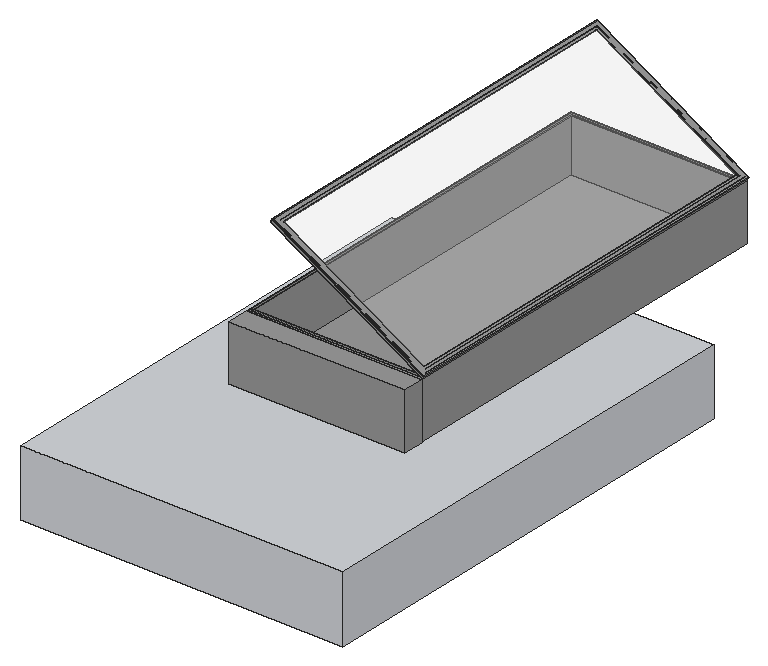
Revit family "Hager-Univers-IP55-D275-H1950-Cl.I-Steel_encl-CH-fr", category Equipement électrique, Revit 2020
Family settings
  Hôte = Face
  Configuration du panneau = Deux colonnes, circuits au sein
  Cote de connecteur circulaire = Utiliser le diamètre
  Type d'élément = Tableau de raccordement
  Couper avec des vides une fois chargée = Non
  Partagée = Non
  Point de calcul de pièce = Non
Parameters (values of type "installation au sol IP55 L800 H1950 P275  - FR23K1")
  Width Control [instance] = if([EF000008 - largeur] > Min Width, [EF000008 - largeur], Min Width)  # 800 mm
  Commentaires du type = [HG000003 - Gamme]  # "Univers"
  Thickness Door [instance] = if([EF009171 - épaisseur de matériau de la porte/du couvercle] > 3 mm, 3 mm, [EF009171 - épaisseur de matériau de la porte/du couvercle])  # 1.5 mm
  Seal Frame Offset [instance] = 17 mm  # constant formula
  Plinth Visibility [instance] = [HG000027 - Hauteur du socle] > 0 mm  # yes
  Model = ""
  Min Width [instance] = 100 mm  # constant formula
  Min Height [instance] = 100 mm  # constant formula
  Min Depth [instance] = (2 * [EF009170 - épaisseur de matériau du boîtier]) + 1 mm  # 4 mm
  Internal Frame Depth [instance] = (Door System Depth * 0.5)  # 9 mm
  Height Control [instance] = if([EF000040 - hauteur] > Min Height, [EF000040 - hauteur], Min Height)  # 1950 mm
  HG000027 - Hauteur du socle = 100 mm
  HG000026 - Installation au sol = yes
  HG000024 - Hauteur de la section basse = 800 mm
  HG000023 - Armoire double section = no
  HG000016 - Visibilité de la porte 3D [instance] = yes
  HG000015 - Visibilité de l'emprise de la porte [instance] = no
  HG000014 - Porte à droite [instance] = yes
  HG000013 - Porte à gauche [instance] = not([HG000014 - Porte à droite])  # no
  HG000012 - Angle de pivotement de la porte [instance] = 30.00°
  HG000010 - Portes asymétriques = no
  HG000009 - Porte à double battant = no
  HG000006 - Encastré = no
  HG000004 - Référence fabricant = "FR23K1"
  HG000003 - Gamme = "Univers"
  HG000002 - avec porte = yes
  Frame Offset Bottom [instance] = 10 mm  # constant formula
  Frame Offset [instance] = 15 mm  # constant formula
  EF015940 - couvercle avec décharge de pression = no
  EF011959 - degré de protection (NEMA) = ""
  EF009554 - nombre d'ouvertures pour plaques à bride = 6
  Fabricant = "Hager"  # constant formula
  EF009212 - finition du couvercle = "EV000116 - fermé"
  EF009171 - épaisseur de matériau de la porte/du couvercle = 1.5 mm
  EF009170 - épaisseur de matériau du boîtier = 1.5 mm
  EF008873 - courant nominal (In) = 800 A
  EF007800 - adapté à un parafoudre = no
  EF006306 - avec serrure = no
  EF006244 - couvercle/porte transparent(e) = yes
  EF005474 - indice de protection (IP) = "EV006420 - IP55"
  EF004464 - type de porte = "EV002646 - unique"
  EF004427 - nombre de modules = 432
  EF004293 - indice de protection contre les chocs (IK) = "EV008784 - IK10"
  EF003532 - convient pour utilisation à l’extérieur = no
  EF002950 - largeur en nombre de modules = 24
  EF001613 - maintien de fonction = "EV000494 - sans"
  EF001596 - matériau du boîtier/corps = "EV000179 - acier"
  EF001131 - profondeur intérieure = 275 mm
  EF001088 - possibilité de montage en saillie = yes
  EF000437 - nombre d'entrées de conduit = 6
  EF000339 - type de capot = "EV004216 - porte"
  EF000266 - nombre de rangées = 12
  EF000218 - profondeur d'encastrement = 0 mm
  EF000118 - avec cadre/support de montage = no
  EF000116 - numéro RAL = "7035"
  EF000049 - profondeur = 275 mm
  EF000040 - hauteur = 1950 mm
  EF000008 - largeur = 800 mm
  EF000007 - couleur = "EV000270 - gris"
  EF000003 - mode de pose = "EV012274 - installation au sol"
  Door System Leaf Tolerance [instance] = 1.5 mm  # constant formula
  Door System Depth [instance] = 18 mm  # constant formula
  Door Height [instance] = Height Control - [HG000027 - Hauteur du socle]  # 1850 mm
  Depth Control [instance] = if([EF000049 - profondeur] > Min Depth, [EF000049 - profondeur], Min Depth)  # 275 mm
  Default Elevation = 0 mm
  Connector Offset [instance] = Height Control / 2  # 975 mm
  Bottom Top Plate Trim [instance] = 1.5 mm  # constant formula
  Plinth height Ctrl [instance] = if([HG000027 - Hauteur du socle] > 0 mm, [HG000027 - Hauteur du socle], 12 mm)  # 100 mm
Types (11, lengths in mm): name | Width Control | HG000010 - Portes asymétriques | HG000009 - Porte à double battant | HG000004 - Référence fabricant | EF009554 - nombre d'ouvertures pour plaques à bride | EF006244 - couvercle/porte transparent(e) | EF004464 - type de porte | EF004427 - nombre de modules | EF000437 - nombre d'entrées de conduit | EF000008 - largeur
  installation au sol IP55 L1050 H1950 P275  - FR24E1 | 1050 | yes | yes | "FR24E1" | 8 | no | "EV003602 - double" | 576 | 8 | 1050
  installation au sol IP55 L1050 H1950 P275  - FR24K1 | 1050 | yes | yes | "FR24K1" | 8 | yes | "EV003602 - double" | 576 | 8 | 1050
  installation au sol IP55 L1300 H1950 P275  - FR25E1 | 1300 | yes | yes | "FR25E1" | 10 | no | "EV003602 - double" | 720 | 10 | 1300
  installation au sol IP55 L1300 H1950 P275  - FR25K1 | 1300 | yes | yes | "FR25K1" | 10 | yes | "EV003602 - double" | 720 | 10 | 1300
  installation au sol IP55 L1550 H1950 P275  - FR26E1 | 1550 | yes | yes | "FR26E1" | 12 | no | "EV003602 - double" | 864 | 12 | 1550
  installation au sol IP55 L1550 H1950 P275  - FR26K1 | 1550 | yes | yes | "FR26K1" | 12 | yes | "EV003602 - double" | 864 | 12 | 1550
  installation au sol IP55 L300 H1950 P275  - FR21E1 | 300 | no | no | "FR21E1" | 2 | no | "EV002646 - unique" | 144 | 2 | 300
  installation au sol IP55 L550 H1950 P275  - FR22E1 | 550 | no | no | "FR22E1" | 4 | no | "EV002646 - unique" | 288 | 4 | 550
  installation au sol IP55 L550 H1950 P275  - FR22K1 | 550 | no | no | "FR22K1" | 4 | yes | "EV002646 - unique" | 288 | 4 | 550
  installation au sol IP55 L800 H1950 P275  - FR23E1 | 800 | no | no | "FR23E1" | 6 | no | "EV002646 - unique" | 432 | 6 | 800
  installation au sol IP55 L800 H1950 P275  - FR23K1 | 800 | no | no | "FR23K1" | 6 | yes | "EV002646 - unique" | 432 | 6 | 800
Reference planes
  plane 1 "Center (Front/Back)": y = 0
  plane 2: z = 0
  plane 3 "Center (Left/Right)": x = 0
  plane 4: z = 275
  plane 5: y = 101.5
  plane 6: y = 1025
  plane 7: y = 100
  plane 8: y = 1950
  plane 9: z = 0
  plane 10: x = -385
  plane 11: x = 385
  plane 12: x = 383.5
  plane 13: x = -383.5
  plane 14: y = 1948.5
  plane 15: x = -383
  plane 16: x = -400
  plane 17: x = 383
  plane 18: x = 400
  plane 19: x = 398.5
  plane 20: x = -398.5
  plane 21: y = 111.5
  plane 22: y = 1950
  plane 23: y = 1933.5
  plane 24: z = 257
  plane 25: z = 1.5
  plane 26: z = 255.5
  plane 27: z = 273.5
Forms (mm)
  Extrusion 1, solid
    sketch origin (0, 0, 0) x (1, 0, 0) y (0, 1, 0)
      loop
        line (-702.964, 1305) -> (-702.964, -811.445) -> (766.763, -811.445) -> (766.763, 1305) -> (-702.964, 1305)
    from 0 to -304.8
  Extrusion 2, solid, material "Hager_Steel_RAL7035_Light_Grey", visible <- "Plinth Visibility", detail levels medium+fine
    sketch origin (0, 0, 0) x (1, 0, 0) y (0, 1, 0)
      loop
        line (-400, 0) -> (400, 0) -> (400, 100) -> (-400, 100) -> (-400, 0)
    from 0 to 257
  Extrusion 3, solid, material "Hager_Steel_RAL7035_Light_Grey", detail levels medium+fine
    sketch origin (0, 0, 0) x (1, 0, 0) y (0, 1, 0)
      loop
        line (-400, 100) -> (400, 100) -> (400, 1950) -> (-400, 1950) -> (-400, 100)
    from 0 to 257
  Extrusion 4, void
    sketch origin (0, 0, 0) x (1, 0, 0) y (0, 1, 0)
      loop
        line (-398.5, 101.5) -> (398.5, 101.5) -> (398.5, 1948.5) -> (-398.5, 1948.5) -> (-398.5, 101.5)
    from 1.5 to 255.5
  Extrusion 5, void
    sketch origin (-381.607, -4572, 257) x (0, -1, 0) y (-1, 0, 0)
      loop
        line (-4683.5, 1.893) -> (-6505.5, 1.893) -> (-6505.5, -765.107) -> (-4683.5, -765.107) -> (-4683.5, 1.893)
    from 0 to 1.5 <- "EF009170 - épaisseur de matériau du boîtier"
  Extrusion 6, solid, material "Hager_Steel_RAL7035_Light_Grey", detail levels fine
    sketch origin (0, 0, 257) x (1, 0, 0) y (0, 1, 0)
      loop
        line (-383.5, 1933.5) -> (-383.5, 111.5) -> (383.5, 111.5) -> (383.5, 1933.5) -> (-383.5, 1933.5)
      loop
        line (-385, 110) -> (385, 110) -> (385, 1935) -> (-385, 1935) -> (-385, 110)
    from 0 to 9 <- "Internal Frame Depth"
  Extrusion 7, solid, material "Hager_Steel_RAL7035_Light_Grey", detail levels coarse
    sketch origin (0, 0, 0) x (1, 0, 0) y (0, 1, 0)
      loop
        line (-400, 0) -> (400, 0) -> (400, 1950) -> (-400, 1950) -> (-400, 0)
    from 0 to 275
  Sweep 8, void
    path in 3D
      loop
        line (-400, 100, 0) -> (400, 100, 0) -> (400, 100, 257) -> (-400, 100, 257) -> (-400, 100, 0)
    profile origin (-400, 100, 128.5) x (-1, 0, 0) y (0, -1, 0)
      loop
        line (0, 0) -> (0, 1.5) -> (-1.5, 1.5)
        arc (-1.5, 1.5) -> (-1.061, 0.439) -> (0, 0) r 1.5
Cuts and joins
  Extrusion 4, Extrusion 5 cuts Extrusion 3
  Sweep 8 cuts Extrusion 2
Lines and regions (mm)
  Masking region 1
    outline origin (0, 0, 0) x (1, 0, 0) y (0, 0, 1)
      loop
        line (-400, 275) -> (-400, 0) -> (400, 0) -> (400, 275) -> (-400, 275)
  Masking region 2, detail levels medium+fine
    outline origin (0, 140, 0) x (0, 1, 0) y (0, 0, 1)
      loop
        line (-40, 0) -> (1810, 0) -> (1810, 257) -> (-40, 257) -> (-40, 0)
  Masking region 3, not visible, detail levels medium+fine
    outline origin (0, 297.922, 0) x (0, 1, 0) y (0, 0, 1)
      loop
        line (738.578, 0) -> (778.578, 0) -> (778.578, 263.5)
        arc (778.578, 263.5) -> (775.649, 270.571) -> (768.578, 273.5) r 10
        line (768.578, 273.5) -> (738.578, 273.5) -> (738.578, 0)
  Masking region 4, detail levels coarse
    outline origin (0, 0, 180) x (0, 1, 0) y (0, 0, 1)
      loop
        line (0, -180) -> (1950, -180) -> (1950, 95) -> (0, 95) -> (0, -180)
  Masking region 5, visible <- "Plinth Visibility", detail levels medium+fine
    outline origin (0, 52.24, 12.345) x (0, 0, -1) y (0, 1, 0)
      loop
        line (10.845, 47.76) -> (-243.155, 47.76)
        arc (-243.155, 47.76) -> (-243.594, 46.699) -> (-244.655, 46.26) r 1.5
        line (-244.655, 46.26) -> (-244.655, -52.24) -> (12.345, -52.24) -> (12.345, 46.26)
        arc (12.345, 46.26) -> (11.285, 46.699) -> (10.845, 47.76) r 1.5
  Masking region 6, detail levels medium+fine
    outline origin (-381.607, -4572, 257) x (-1, 0, 0) y (0, -1, 0)
      loop
        line (18.393, -6522) -> (18.393, -4672) -> (-781.607, -4672) -> (-781.607, -6522) -> (18.393, -6522)
  Masking region 7, visible <- "Plinth Visibility", detail levels medium+fine
    outline origin (-381.607, -4727, 257) x (-1, 0, 0) y (0, -1, 0)
      loop
        arc (16.893, -4827) -> (17.332, -4825.939) -> (18.393, -4825.5) r 1.5
        line (18.393, -4825.5) -> (18.393, -4727) -> (-781.607, -4727) -> (-781.607, -4825.5)
        arc (-781.607, -4825.5) -> (-780.546, -4825.939) -> (-780.107, -4827) r 1.5
        line (-780.107, -4827) -> (16.893, -4827)
  Masking region 8, detail levels coarse
    outline origin (-442.548, -4669.526, 257) x (-1, 0, 0) y (0, -1, 0)
      loop
        line (-42.548, -6619.526) -> (-42.548, -4669.526) -> (-842.548, -4669.526) -> (-842.548, -6619.526) -> (-42.548, -6619.526)
  sketch lines
    curve 1: line (-400, 100, 257) -> (-400, 100, 0)
    curve 2: line (400, 100, 257) -> (-400, 100, 257)
    curve 3: line (400, 100, 257) -> (400, 100, 0)
    curve 4: line (-400, 100, 0) -> (400, 100, 0)
Dimensions and locks
  "Depth Control": plane 4 to Extrusion 1
  "HG000027 - Hauteur du socle": plane 1 "Center (Front/Back)" to plane 7
  "EF009170 - épaisseur de matériau du boîtier": plane 5 to plane 7
  locked: connector elem to plane 3 "Center (Left/Right)"
  equal spacing: plane 8, plane 6, plane 7
  locked: connector elem to plane 6
  "EF009170 - épaisseur de matériau du boîtier": plane 8 to plane 14
  "EF009170 - épaisseur de matériau du boîtier": plane 10 to plane 13
  "EF009170 - épaisseur de matériau du boîtier": plane 12 to plane 11
  "Frame Offset": plane 20 to plane 13
  "Frame Offset": plane 12 to plane 19
  "EF009170 - épaisseur de matériau du boîtier": plane 16 to plane 20
  "EF009170 - épaisseur de matériau du boîtier": plane 19 to plane 18
  "Seal Frame Offset": plane 16 to plane 15
  "Seal Frame Offset": plane 17 to plane 18
  "Frame Offset Bottom": plane 21 to plane 5
  "Frame Offset": plane 14 to plane 23
  equal spacing: plane 16, plane 3 "Center (Left/Right)", plane 18
  "Width Control": plane 16 to plane 18
  "EF009170 - épaisseur de matériau du boîtier": plane 4 to plane 27
  "EF009170 - épaisseur de matériau du boîtier": plane 24 to plane 26
  "EF009170 - épaisseur de matériau du boîtier": plane 25 to level
  "Door System Depth": plane 4 to plane 24
  "Height Control": plane 1 "Center (Front/Back)" to Extrusion 7 sketch curve
  "Height Control": Masking region 4 sketch curve to plane 1 "Center (Front/Back)"
  "Height Control": plane 1 "Center (Front/Back)" to plane 22
  "Bottom Top Plate Trim": profile plane to Sweep 8 sketch curve
  "Bottom Top Plate Trim": Sweep 8 sketch curve to profile plane
  "Plinth height Ctrl": plane 1 "Center (Front/Back)" to Extrusion 2 sketch curve
  "Plinth height Ctrl": Masking region 5 sketch curve to plane 1 "Center (Front/Back)"
  "Plinth height Ctrl": plane 1 "Center (Front/Back)" to Masking region 7 sketch curve
  "Thickness Door": Extrusion 6 sketch curve to Extrusion 6 sketch curve  (x3)
  "Thickness Door": cut or joined group of Extrusion 3, Extrusion 4, Extrusion 5 to Extrusion 6 sketch curve
  radius of Masking region 3 sketch curve = 10 mm
  "Bottom Top Plate Trim": radius of Masking region 5 sketch curve  (x2)
  "Bottom Top Plate Trim": radius of Sweep 8 sketch curve
  "Bottom Top Plate Trim": radius of Masking region 7 sketch curve  (x2)
  aligned and locked: plane 2 to Extrusion 1
  aligned and locked: level to Extrusion 1
  aligned and locked: level to Masking region 1 sketch curve
  aligned and locked: Masking region 1 sketch curve to plane 18
  aligned and locked: Masking region 1 sketch curve to plane 16
  aligned and locked: plane 7 to Masking region 2 sketch curve
  aligned and locked: level to Masking region 3 sketch curve
  aligned and locked: Masking region 3 sketch curve to plane 27
  aligned and locked: level to Masking region 2 sketch curve
  aligned and locked: plane 1 "Center (Front/Back)" to Extrusion 2 sketch curve
  aligned and locked: Extrusion 3 sketch curve to plane 7
  aligned and locked: plane 16 to Extrusion 3 sketch curve
  aligned and locked: plane 18 to Extrusion 3 sketch curve
  aligned and locked: plane 20 to Extrusion 4 sketch curve
  aligned and locked: plane 19 to Extrusion 4 sketch curve
  aligned and locked: Extrusion 4 sketch curve to plane 5
  aligned and locked: Extrusion 4 to plane 25
  aligned and locked: plane 26 to Extrusion 4
  aligned and locked: plane 24 to Extrusion 3
  aligned and locked: Extrusion 5 sketch curve to plane 21
  aligned and locked: Extrusion 5 sketch curve to plane 13
  aligned and locked: Extrusion 5 sketch curve to plane 12
  aligned and locked: plane 18 to Extrusion 7 sketch curve
  aligned and locked: plane 1 "Center (Front/Back)" to Extrusion 7 sketch curve
  aligned and locked: plane 16 to Extrusion 7 sketch curve
  aligned and locked: plane 4 to Extrusion 7
  aligned and locked: Extrusion 7 to level
  aligned and locked: level to Masking region 4 sketch curve
  aligned and locked: Masking region 4 sketch curve to plane 1 "Center (Front/Back)"
  aligned and locked: Masking region 4 sketch curve to plane 4
  aligned and locked: nested 1 to level
  aligned and locked: nested 1 to plane 16
  aligned and locked: plane 8 to Extrusion 3 sketch curve
  aligned and locked: plane 23 to Extrusion 5 sketch curve
  aligned and locked: plane 14 to Extrusion 4 sketch curve
  aligned and locked: Masking region 2 sketch curve to plane 8
  aligned and locked: level to Masking region 5 sketch curve
  aligned and locked: plane 16 to Extrusion 2 sketch curve
  aligned and locked: plane 18 to Extrusion 2 sketch curve
  aligned and locked: Masking region 5 sketch curve to plane 24
  aligned and locked: Masking region 2 sketch curve to plane 24
  aligned and locked: plane 24 to Extrusion 2
  aligned and locked: profile plane to Sweep 8 sketch curve  (x2)
  aligned and locked: Masking region 6 sketch curve to plane 18
  aligned and locked: Masking region 6 sketch curve to plane 22
  aligned and locked: Masking region 6 sketch curve to plane 16
  aligned and locked: plane 8 to plane 22
  aligned and locked: Masking region 6 sketch curve to plane 7
  aligned and locked: Masking region 7 sketch curve to plane 16
  aligned and locked: Masking region 7 sketch curve to plane 1 "Center (Front/Back)"
  aligned and locked: Masking region 7 sketch curve to plane 18
  aligned and locked: Masking region 8 sketch curve to plane 1 "Center (Front/Back)"
  aligned and locked: Masking region 8 sketch curve to plane 18
  aligned and locked: Masking region 8 sketch curve to plane 22
  aligned and locked: Masking region 8 sketch curve to plane 16
  aligned and locked: nested 2 to plane 7
  aligned and locked: plane 3 "Center (Left/Right)" to nested 2
  aligned and locked: nested 2 to plane 24
  aligned and locked: Extrusion 6 sketch curve to cut or joined group of Extrusion 3, Extrusion 4, Extrusion 5  (x4)
Automatic sketch dimensions
  Extrusion 1 sketch curve to Extrusion 1 sketch curve = 1469.727 mm
  Extrusion 1 sketch curve to Extrusion 1 sketch curve = 2116.445 mm
  Masking region 1 sketch curve to plane 4 = 0 mm
  plane 6 to Masking region 3 sketch curve = 11.5 mm
  Masking region 3 sketch curve to Masking region 3 sketch curve = 30 mm
  Masking region 5 sketch curve to plane 1 "Center (Front/Back)" = 0 mm
Nested families
  nested 1: "Hager_Enclosure_Symbol" at (-400, 0, 0) x (1, 0, 0) z (0, -1, 0), Height <- "Depth Control", Width <- "Width Control", type "Hager_Enclosure_Symbol"
    with Width_Ctrl 800 mm, Width 800 mm, Height_Ctrl 275 mm, Height 275 mm, A_Width_Int 18.047 mm, A_Width 216.562 mm, A_Height_Ctrl 240.625 mm, A_Height 240.625 mm
  nested 2: "EC000058_Univers_Door" at (0, 100, 257) x (1, 0, 0) z (0, 1, 0), Leaf_Tolerance <- "Door System Leaf Tolerance", Angle <- "HG000012 - Angle de pivotement de la porte", Door_Depth <- "Door System Depth", Door_Left <- "HG000013 - Porte à gauche", Transparent <- "EF006244 - couvercle/porte transparent(e)", Assymetrical <- "HG000010 - Portes asymétriques", Width <- "Width Control", Clearance <- "HG000015 - Visibilité de l'emprise de la porte", Double <- "HG000009 - Porte à double battant", 3d_Door <- "HG000016 - Visibilité de la porte 3D", Lock_Visibility <- "EF006306 - avec serrure", Width_Ctrl <- "Width Control", Door_Right <- "HG000014 - Porte à droite", Door <- "HG000002 - avec porte", Height <- "Door Height", Thickness <- "Thickness Door", type "EC000058_Univers_Door", detail levels medium+fine
    with min_wh 4 mm, Width_Ctrl 800 mm, Width 800 mm, Transparent yes, Thickness 1.5 mm, Seal_Material Hager_Rubber, Lock_Visibility no, Lock_Material Hager_Plastic_RAL9005_Jet_Black, Leaf_Width 800 mm, Leaf_Tolerance_External_Sides 0 mm, Leaf_Tolerance 1.5 mm, Leaf_Offset 0 mm, Leaf_Height 1847 mm, Leaf_2_Width 800 mm, Leaf_2_Offset 400 mm, Leaf_1_Width 800 mm, Leaf_1_Offset 400 mm, Height_Ctrl 1850 mm, Height 1850 mm, Glass_Material Hager_Glass, Double_Clearance_Ctrl no, Double no, Door_Right_Ctrl yes, Door_Right yes, Door_Material Hager_Steel_RAL7035_Light_Grey, Door_Left_Ctrl no, Door_Left no, Door_Depth 18 mm, Door yes, Clearance_Material Hager_Clearance, Clearance_Depth 800 mm, Clearance_Ctrl no, Clearance no, Assymetrical no, Angle 30.00°, 3d_Door yes
Connectors
  electrical at (0, 1025, 0)
    settings: on plane 9, index 1, voltage 0 V, apparent load 0 VA, apparent load phase1 0 VA, apparent load phase2 0 VA, apparent load phase3 0 VA, power factor 1, load classification "Other", number of poles 1, system type 30, power factor state 1, is connector primary yes, connector utility no, sub classification motor no, connector description ""
Definition of nested family "EC000058_Univers_Door"
  Parameters (values of type "EC000058_Univers_Door")
    min_wh [instance] = (2 * Thickness) + 1 mm  # 11 mm
    Width_Ctrl [instance] = 400 mm
    Width [instance] = 500 mm
    Transparent [instance] = yes
    Thickness [instance] = 5 mm
    Seal_Material [instance] = none
    Lock_Visibility [instance] = yes
    Lock_Material [instance] = none
    Leaf_Width [instance] = if((Width_Ctrl - 2 * Leaf_Tolerance_External_Sides) > 0 mm, (Width_Ctrl - 2 * Leaf_Tolerance_External_Sides), min_wh)  # 400 mm
    Leaf_Tolerance_External_Sides [instance] = 0 mm  # constant formula
    Leaf_Tolerance [instance] = 1.5 mm
    Leaf_Offset [instance] = 0 mm  # constant formula
    Leaf_Height [instance] = if((Height_Ctrl - 2 * Leaf_Tolerance) > 0 mm, (Height_Ctrl - 2 * Leaf_Tolerance), min_wh)  # 497 mm
    Leaf_2_Width [instance] = if(and(and(Double, Assymetrical), Door_Left), (Leaf_Width / 3) - (Leaf_Tolerance / 2), if(and(and(Double, Assymetrical), Door_Right), (Leaf_Width / 3) * 2 - (Leaf_Tolerance / 2), if(and(Double, not(Assymetrical)), (Leaf_Width / 2) - Leaf_Tolerance, Leaf_Width)))  # 400 mm
    Leaf_2_Offset [instance] = if(and(Double, Assymetrical), Leaf_2_Width / 2, if(and(Double, not(Assymetrical)), Leaf_Width / 4, Leaf_Width / 2))  # 200 mm
    Leaf_1_Width [instance] = if(and(and(Double, Assymetrical), Door_Right), (Leaf_Width / 3) - (Leaf_Tolerance / 2), if(and(and(Double, Assymetrical), Door_Left), (Width / 3) * 2 - (Leaf_Tolerance / 2), if(and(Double, not(Assymetrical)), (Leaf_Width / 2) - Leaf_Tolerance, Leaf_Width)))  # 400 mm
    Leaf_1_Offset [instance] = if(and(Double, Assymetrical), Leaf_1_Width / 2, if(and(Double, not(Assymetrical)), Leaf_Width / 4, Leaf_Width / 2))  # 200 mm
    Height_Ctrl [instance] = if(Height > min_wh, Height, min_wh)  # 500 mm
    Height [instance] = 500 mm
    Glass_Material [instance] = none
    Double_Clearance_Ctrl [instance] = and(Double, Clearance)  # no
    Double [instance] = no
    Door_Right_Ctrl [instance] = and(or(Door_Right, Double), Door)  # yes
    Door_Right [instance] = yes
    Door_Material [instance] = none
    Door_Left_Ctrl [instance] = and(or(Door_Left, Double), Door)  # no
    Door_Left [instance] = no
    Door_Depth [instance] = 30 mm
    Door [instance] = yes
    Default Elevation = 1219.2 mm
    Clearance_Material [instance] = none
    Clearance_Depth [instance] = if(Leaf_1_Width > Leaf_2_Width, Leaf_1_Width, Leaf_2_Width)  # 400 mm
    Clearance_Ctrl [instance] = and(not(Double), Clearance)  # yes
    Clearance [instance] = yes
    Assymetrical [instance] = yes
    Angle [instance] = 30.00°
    3d_Door [instance] = yes
  Reference planes
    plane 1 "Center (Front/Back)": y = 0
    plane 2 "Bottom": z = 0
    plane 3 "Center (Left/Right)": x = 0
    plane 4: z = 500
    plane 5: x = -200
    plane 6: x = 200
    plane 7: z = 500
    plane 8: x = -200
    plane 9: z = 0
    plane 10: x = 200
    plane 11: y = 0
    plane 12: z = 1.5
    plane 13: x = -600
    plane 14: y = -400
    plane 15: x = 600
    plane 16: x = 0
    plane 17: x = 0
    plane 18: x = -200
    plane 19: x = 200
    plane 20: z = 498.5
  Forms (mm)
    Extrusion 1, solid, material <- "Clearance_Material", visible <- "Double_Clearance_Ctrl"
      sketch origin (1200, 0, 0) x (1, 0, 0) y (0, 0, -1)
        loop
          line (-1800, -498.5) -> (-600, -498.5) -> (-600, 0) -> (-1800, 0) -> (-1800, -498.5)
      from 0 to -400
  Dimensions and locks
    equal spacing: plane 5, plane 3 "Center (Left/Right)", plane 6
    "Width_Ctrl": plane 5 to plane 6
    "Leaf_Offset": plane 5 to plane 8
    "Leaf_Offset": plane 6 to plane 10
    "Leaf_Offset": plane 9 to level
    "Leaf_Offset": plane 4 to plane 7
    "Height_Ctrl": plane 4 to level
    "Leaf_Tolerance": plane 12 to plane 9
    locked: plane 11 to plane 1 "Center (Front/Back)"
    "Leaf_1_Offset": plane 18 to plane 16
    "Leaf_2_Offset": plane 17 to plane 19
    "Leaf_1_Width": plane 13 to plane 8
    "Leaf_2_Width": plane 10 to plane 15
    "Clearance_Depth": plane 14 to plane 1 "Center (Front/Back)"
    "Leaf_Tolerance_External_Sides": plane 8 to plane 18
    "Leaf_Tolerance_External_Sides": plane 19 to plane 10
    "Leaf_Tolerance": plane 7 to plane 20
    aligned and locked: level to plane 2 "Bottom"
    aligned and locked: nested 1 to plane 16
    aligned and locked: nested 2 to plane 17
    aligned and locked: Extrusion 1 to plane 13
    aligned and locked: plane 15 to Extrusion 1
    aligned and locked: Extrusion 1 to plane 14
    aligned and locked: plane 12 to nested 1
    aligned and locked: nested 2 to plane 12
    aligned and locked: Extrusion 1 to plane 11
    aligned and locked: plane 20 to Extrusion 1
    aligned and locked: nested 2 to plane 11
    aligned and locked: nested 1 to plane 11
  Automatic sketch dimensions
    Extrusion 1 sketch curve to level = 0 mm
    plane 5 to Extrusion 1 sketch curve = 400 mm
    plane 6 to Extrusion 1 sketch curve = 400 mm
    Extrusion 1 sketch curve to plane 4 = 1.5 mm
  Nested families
    nested 1: "EC000058_Univers_Door_Leaf" at (0, 0, 1.5), Width <- "Leaf_1_Width", visible <- "Door_Left_Ctrl", Leaf_Height <- "Leaf_Height", Angle <- "Angle", 3d_Door <- "3d_Door", Transparent <- "Transparent", Clearance Material <- "Clearance_Material", Clearance <- "Clearance_Ctrl", Door_Material <- "Door_Material", Glass_Material <- "Glass_Material", Door_Depth <- "Door_Depth", Lock_Material <- "Lock_Material", Seal_Material <- "Seal_Material", Lock_Visibility <- "Lock_Visibility", Thickness <- "Thickness", type "EC000058_Univers_Door_Leaf"
      with Width 400 mm, Transparent_Glass_Offset 30 mm, Transparent_Ctrl yes, Transparent yes, Thickness 5 mm, Standard no, Seal_Material none, Seal_D2 8 mm, Seal_D1 1 mm, Offset_Internal_Frame 10 mm, Lock_Width 20 mm, Lock_Visibility_3d yes, Lock_Visibility yes, Lock_Thickness_3 3 mm, Lock_Thickness_2 1 mm, Lock_Thickness_1 3 mm, Lock_Radius_Offset_2 16 mm, Lock_Radius_Offset_1 15 mm, Lock_Radius_2 5 mm, Lock_Radius 6 mm, Lock_Offset 5 mm, Lock_Material none, Lock_Height 80 mm, Lock_Cover_Top_Offset_2d 17 mm, Lock_Cover_Height -65 mm, Leaf_Height 497 mm, Internal_Seal_Thickness 8 mm, Internal_Seal_Depth_2 4.5 mm, Internal_Frame_Depth 25 mm, Glass_Thickness -1 mm, Glass_Offset -2 mm, Glass_Material none, Door_Material none, Door_Depth 30 mm, Clearance Material none, Clearance yes, Angle_Ctrl 30.00°, Angle 30.00°, 3d_Door yes
    nested 2: "EC000058_Univers_Door_Leaf" at (0, 0, 1.5) x (-1, 0, 0) z (0, 0, 1), Width <- "Leaf_2_Width", visible <- "Door_Right_Ctrl", Leaf_Height <- "Leaf_Height", Angle <- "Angle", 3d_Door <- "3d_Door", Transparent <- "Transparent", Clearance Material <- "Clearance_Material", Clearance <- "Clearance_Ctrl", Door_Material <- "Door_Material", Glass_Material <- "Glass_Material", Door_Depth <- "Door_Depth", Lock_Material <- "Lock_Material", Seal_Material <- "Seal_Material", Lock_Visibility <- "Lock_Visibility", Thickness <- "Thickness", type "EC000058_Univers_Door_Leaf"
      with Width 400 mm, Transparent_Glass_Offset 30 mm, Transparent_Ctrl yes, Transparent yes, Thickness 5 mm, Standard no, Seal_Material none, Seal_D2 8 mm, Seal_D1 1 mm, Offset_Internal_Frame 10 mm, Lock_Width 20 mm, Lock_Visibility_3d yes, Lock_Visibility yes, Lock_Thickness_3 3 mm, Lock_Thickness_2 1 mm, Lock_Thickness_1 3 mm, Lock_Radius_Offset_2 16 mm, Lock_Radius_Offset_1 15 mm, Lock_Radius_2 5 mm, Lock_Radius 6 mm, Lock_Offset 5 mm, Lock_Material none, Lock_Height 80 mm, Lock_Cover_Top_Offset_2d 17 mm, Lock_Cover_Height -65 mm, Leaf_Height 497 mm, Internal_Seal_Thickness 8 mm, Internal_Seal_Depth_2 4.5 mm, Internal_Frame_Depth 25 mm, Glass_Thickness -1 mm, Glass_Offset -2 mm, Glass_Material none, Door_Material none, Door_Depth 30 mm, Clearance Material none, Clearance yes, Angle_Ctrl 30.00°, Angle 30.00°, 3d_Door yes
  Definition of nested family "EC000058_Univers_Door_Leaf"
    Parameters (values of type "EC000058_Univers_Door_Leaf")
      Width [instance] = 2000 mm
      Transparent_Glass_Offset [instance] = 30 mm
      Transparent_Ctrl [instance] = and(Transparent, [3d_Door])  # yes
      Transparent [instance] = yes
      Thickness [instance] = 5 mm
      Standard [instance] = and(not(Transparent), [3d_Door])  # no
      Seal_Material [instance] = none
      Seal_D2 [instance] = 8 mm  # constant formula
      Seal_D1 [instance] = 1 mm  # constant formula
      Offset_Internal_Frame [instance] = 10 mm  # constant formula
      Lock_Width [instance] = 20 mm  # constant formula
      Lock_Visibility_3d [instance] = and(Lock_Visibility, [3d_Door])  # yes
      Lock_Visibility [instance] = yes
      Lock_Thickness_3 [instance] = 3 mm  # constant formula
      Lock_Thickness_2 [instance] = 1 mm  # constant formula
      Lock_Thickness_1 [instance] = 3 mm  # constant formula
      Lock_Radius_Offset_2 [instance] = Lock_Radius_Offset_1 + 1 mm  # 16 mm
      Lock_Radius_Offset_1 [instance] = 15 mm  # constant formula
      Lock_Radius_2 [instance] = Lock_Radius - 1 mm  # 5 mm
      Lock_Radius [instance] = 6 mm  # constant formula
      Lock_Offset [instance] = 5 mm  # constant formula
      Lock_Material [instance] = none
      Lock_Height [instance] = 80 mm  # constant formula
      Lock_Cover_Top_Offset_2d [instance] = Lock_Radius_Offset_2 + 1 mm  # 17 mm
      Lock_Cover_Height [instance] = -(Lock_Height - Lock_Radius_Offset_1)  # -65 mm
      Leaf_Height [instance] = 2720.336 mm
      Internal_Seal_Thickness [instance] = 8 mm  # constant formula
      Internal_Seal_Depth_2 [instance] = 4.5 mm  # constant formula
      Internal_Frame_Depth [instance] = if(Door_Depth - Thickness > 5 mm, Door_Depth - Thickness, 5 mm)  # 25 mm
      Glass_Thickness [instance] = if(Thickness > 15 mm, Glass_Offset + 10 mm, -1 mm)  # -1 mm
      Glass_Offset [instance] = if(Thickness > 15 mm, -(Thickness + 10 mm) / 2, -2 mm)  # -2 mm
      Glass_Material [instance] = none
      Door_Material [instance] = none
      Door_Depth [instance] = 30 mm
      Default Elevation = 0 mm
      Clearance Material [instance] = none
      Clearance [instance] = yes
      Angle_Ctrl [instance] = if(Angle > 180.00°, 180.00°, Angle)  # 90.00°
      Angle [instance] = 90.00°
      3d_Door [instance] = yes
    Reference planes
      plane 1 "Center (Front/Back)": y = 0
      plane 2: z = 0
      plane 3 "Center (Left/Right)": x = 0
      plane 4: y = 2000
      plane 5: x = -1000
      plane 6: x = 1000
      plane 7: x = -3000
      plane 8: z = 2720.336
      plane 9: z = 30
      plane 10: z = 2690.336
      plane 11: x = 970
      plane 12: x = -970
      plane 13: y = -3
      plane 14: z = 107.833
      plane 15: y = -5
      plane 16: y = -223.314
      plane 17: x = -1000
      plane 18: z = 1360.168
      plane 19: y = 30
    Forms (mm)
      Extrusion 1, solid, material <- "Clearance Material", visible <- "Clearance"
        sketch origin (0, 0, 0) x (1, 0, 0) y (0, 0, 1)
          loop
            line (-3000, 2720.336) -> (-3000, 0) -> (1000, 0) -> (1000, 2720.336) -> (-3000, 2720.336)
        from 0 to -2000
      Extrusion 2, solid, material <- "Door_Material", visible <- "Standard", detail levels medium+fine
        sketch origin (-1000, 0, 0) x (0, 1, 0) y (-1, 0, 0)
          loop
            line (0, 30) -> (0, 25) -> (2000, 25) -> (2000, 30) -> (0, 30)
        from 0 to 2720.336 <- "Leaf_Height"
      Extrusion 3, solid, material <- "Door_Material", visible <- "Transparent_Ctrl", detail levels medium+fine
        sketch origin (-1000, 0, 0) x (0, 1, 0) y (-1, 0, 0)
          loop
            line (0, 25) -> (2000, 25) -> (2000, 30) -> (0, 30) -> (0, 25)
        from 0 to 2720.336 <- "Leaf_Height"
      Extrusion 4, void
        sketch origin (-1025, 2000, 0) x (0, 1, 0) y (0, 0, -1)
          loop
            line (-30, -2690.336) -> (-30, -30) -> (-1970, -30) -> (-1970, -2690.336) -> (-30, -2690.336)
        from 0 to 5 <- "Thickness"
      Sweep 5, solid, material <- "Seal_Material", visible <- "Transparent_Ctrl", detail levels fine
        path in 3D
          loop
            line (-1025, 30, 30) -> (-1025, 30, 2690.336) -> (-1025, 1970, 2690.336) -> (-1025, 1970, 30) -> (-1025, 30, 30)
        profile origin (-1025, 1000, 30) x (1, 0, 0) y (0, 0, 1)
          loop
            line (0, 0) -> (0, -8) -> (1, -8) -> (1, 0) -> (0, 0)
      Extrusion 6, solid, material <- "Glass_Material", visible <- "Transparent_Ctrl", detail levels medium+fine
        sketch origin (-1030, 0, 0) x (0, 1, 0) y (0, 0, -1)
          loop
            line (1970, -2690.336) -> (1970, -30) -> (30, -30) -> (30, -2690.336) -> (1970, -2690.336)
        from -2 <- "Glass_Offset" to -1 <- "Glass_Thickness"
      Extrusion 7, solid, material <- "Door_Material", visible <- "3d_Door", detail levels medium+fine
        sketch origin (-1025, 2000, 0) x (0, -1, 0) y (0, 0, -1)
          loop
            line (0, -2720.336) -> (2000, -2720.336) -> (2000, 0) -> (0, 0) -> (0, -2720.336)
          loop
            line (1995, -5) -> (5, -5) -> (5, -2715.336) -> (1995, -2715.336) -> (1995, -5)
        from 0 to 25 <- "Internal_Frame_Depth"
      Sweep 8, solid, material <- "Seal_Material", visible <- "Transparent_Ctrl", detail levels fine
        path in 3D
          loop
            line (-1025, 0, 0) -> (-1025, 2000, 0) -> (-1025, 2000, 2720.336) -> (-1025, 0, 2720.336) -> (-1025, 0, 0)
        profile origin (-1025, 0, 1360.168) x (1, 0, 0) y (0, 1, 0)
          loop
            line (0, 10) -> (2.975, 10)
            arc (2.975, 10) -> (4.053, 10.447) -> (4.5, 11.525) r 1.525
            line (4.5, 11.525) -> (4.5, 16.527)
            arc (4.5, 16.527) -> (4.069, 17.569) -> (3.027, 18) r 1.473
            line (3.027, 18) -> (0, 18) -> (0, 10)
      Extrusion 9, solid, material <- "Lock_Material", visible <- "Lock_Visibility_3d", detail levels fine
        sketch origin (-1030, 0, 0) x (0, 1, 0) y (0, 0, -1)
          loop
            arc (1993.5, -1400.168) -> (1994.561, -1399.729) -> (1995, -1398.668) r 1.5
            line (1995, -1398.668) -> (1995, -1320.168) -> (1975, -1320.168) -> (1975, -1398.668)
            arc (1975, -1398.668) -> (1975.439, -1399.729) -> (1976.5, -1400.168) r 1.5
            line (1976.5, -1400.168) -> (1993.5, -1400.168)
        from 3 <- "Lock_Thickness_1" to 0
      Blend 10, solid, material <- "Lock_Material", visible <- "Lock_Visibility_3d", detail levels fine
        base sketch origin (-1033, 0, 0) x (0, 1, 0) y (0, 0, -1)
          loop
            line (1975, -1320.168) -> (1975, -1398.668)
            arc (1975, -1398.668) -> (1975.439, -1399.729) -> (1976.5, -1400.168) r 1.5
            line (1976.5, -1400.168) -> (1993.5, -1400.168)
            arc (1993.5, -1400.168) -> (1994.561, -1399.729) -> (1995, -1398.668) r 1.5
            line (1995, -1398.668) -> (1995, -1320.168) -> (1975, -1320.168)
        top sketch origin (-1033, 0, 0) x (0, 1, 0) y (0, 0, -1)
          loop
            line (1976, -1320.168) -> (1976, -1398.668)
            arc (1976, -1398.668) -> (1976.146, -1399.022) -> (1976.5, -1399.168) r 0.5
            line (1976.5, -1399.168) -> (1993.5, -1399.168)
            arc (1993.5, -1399.168) -> (1993.854, -1399.022) -> (1994, -1398.668) r 0.5
            line (1994, -1398.668) -> (1994, -1320.168) -> (1976, -1320.168)
        from 0 to 1 <- "Lock_Thickness_2"
      Blend 11, solid, material <- "Lock_Material", visible <- "Lock_Visibility_3d", detail levels fine
        base sketch origin (-1034, 0, 0) x (0, 1, 0) y (0, 0, -1)
          loop
            line (1978, -1320.168) -> (1978, -1384.168)
            arc (1978, -1384.168) -> (1985, -1391.168) -> (1992, -1384.168) r 7
            line (1992, -1384.168) -> (1992, -1320.168) -> (1978, -1320.168)
        top sketch origin (-1034, 0, 0) x (0, 1, 0) y (0, 0, -1)
          loop
            line (1991, -1320.168) -> (1979, -1320.168) -> (1979, -1383.168)
            arc (1979, -1383.168) -> (1985, -1389.168) -> (1991, -1383.168) r 6
            line (1991, -1383.168) -> (1991, -1320.168)
        from 0 to 3 <- "Lock_Thickness_3"
      Extrusion 12, solid, material <- "Lock_Material", visible <- "Lock_Visibility_3d", detail levels fine
        sketch origin (-1030, 1975, 1320.168) x (1, 0, 0) y (0, -1, 0)
          loop
            line (-7, -19) -> (-7, -1) -> (0, -1) -> (0, 0) -> (-8, 0) -> (-8, -20) -> (0, -20) -> (0, -19) -> (-7, -19)
        from 0 to -65 <- "Lock_Cover_Height"
      Extrusion 13, void
        sketch origin (-1038, 1995, 1320.168) x (-1, 0, 0) y (0, 0, -1)
          loop
            line (-5, -65) -> (0, -65) -> (-5, -60) -> (-5, -65)
        from 0 to 20 <- "Lock_Width"
      Extrusion 14, void
        sketch origin (-1038, 1975, 1320.168) x (0, -1, 0) y (0, 0, -1)
          loop
            circle (-10, -15.995) r 6
          loop
            circle (-10, -15.995) r 5
        from 0 to 2
      Extrusion 15, solid, material <- "Lock_Material", visible <- "Lock_Visibility_3d", detail levels medium
        sketch origin (-1030, 0, 0) x (0, 1, 0) y (0, 0, -1)
          loop
            arc (1993.5, -1400.168) -> (1994.561, -1399.729) -> (1995, -1398.668) r 1.5
            line (1995, -1398.668) -> (1995, -1320.168) -> (1975, -1320.168) -> (1975, -1398.668)
            arc (1975, -1398.668) -> (1975.439, -1399.729) -> (1976.5, -1400.168) r 1.5
            line (1976.5, -1400.168) -> (1993.5, -1400.168)
        from 8 to 0
    Cuts and joins
      Extrusion 4 cuts Extrusion 3
      Extrusion 13, Extrusion 14 cuts Extrusion 9
      Extrusion 14 cuts Blend 11
      Extrusion 13, Extrusion 14 cuts Extrusion 12
      joined: Extrusion 9, Blend 10, Blend 11, Extrusion 12
      Extrusion 14 cuts Extrusion 15
    Lines and regions (mm)
      Masking region 1, visible <- "Lock_Visibility", detail levels fine
        outline origin (0, 0, 0) x (0, 1, 0) y (0, 0, 1)
          loop
            line (30, 1320.168) -> (33, 1320.168) -> (33, 1400.168) -> (30, 1400.168) -> (30, 1320.168)
      Masking region 2, visible <- "Lock_Visibility", detail levels fine
        outline origin (0, 3.143, 0) x (0, 1, 0) y (0, 0, 1)
          loop
            line (29.857, 1354.168) -> (30.857, 1354.168) -> (30.857, 1366.168) -> (29.857, 1366.168) -> (29.857, 1354.168)
      Masking region 3, detail levels medium+fine
        outline origin (0, 0, 0) x (0, 1, 0) y (0, 0, 1)
          loop
            line (0, 0) -> (30, 0) -> (30, 2720.336) -> (0, 2720.336) -> (0, 0)
      Masking region 4, detail levels medium+fine
        outline origin (0, 0, 0) x (1, 0, 0) y (0, 0, 1)
          loop
            line (-1000, 2720.336) -> (-1000, 0) -> (1000, 0) -> (1000, 2720.336) -> (-1000, 2720.336)
      Masking region 5, visible <- "Lock_Visibility", detail levels fine
        outline origin (-47.116, 0, 0) x (1, 0, 0) y (0, 0, 1)
          loop
            arc (1024.616, 1399.168) -> (1023.556, 1398.729) -> (1023.116, 1397.668) r 1.5
            line (1023.116, 1397.668) -> (1023.116, 1320.168) -> (1041.116, 1320.168) -> (1041.116, 1397.668)
            arc (1041.116, 1397.668) -> (1040.677, 1398.729) -> (1039.616, 1399.168) r 1.5
            line (1039.616, 1399.168) -> (1024.616, 1399.168)
      Masking region 6, visible <- "Lock_Visibility", detail levels medium+fine
        outline origin (-25, 0, 0) x (1, 0, 0) y (0, 0, 1)
          loop
            arc (1001.5, 1400.168) -> (1000.439, 1399.729) -> (1000, 1398.668) r 1.5
            line (1000, 1398.668) -> (1000, 1320.168) -> (1020, 1320.168) -> (1020, 1398.668)
            arc (1020, 1398.668) -> (1019.561, 1399.729) -> (1018.5, 1400.168) r 1.5
            line (1018.5, 1400.168) -> (1001.5, 1400.168)
      Masking region 7, visible <- "Lock_Visibility", detail levels fine
        outline origin (-73.735, 0, 0) x (1, 0, 0) y (0, 0, 1)
          loop
            line (1051.735, 1382.168) -> (1065.735, 1382.168) -> (1065.735, 1384.168)
            arc (1065.735, 1384.168) -> (1058.735, 1391.168) -> (1051.735, 1384.168) r 7
            line (1051.735, 1384.168) -> (1051.735, 1382.168)
      Masking region 8, visible <- "Lock_Visibility", detail levels fine
        outline origin (-73.735, 0, 0) x (1, 0, 0) y (0, 0, 1)
          loop
            line (1052.735, 1382.168) -> (1064.735, 1382.168) -> (1064.735, 1383.168)
            arc (1064.735, 1383.168) -> (1058.735, 1389.168) -> (1052.735, 1383.168) r 6
            line (1052.735, 1383.168) -> (1052.735, 1382.168)
      Masking region 9, visible <- "Lock_Visibility", detail levels fine
        outline origin (-25, 0, 0) x (1, 0, 0) y (0, 0, 1)
          loop
            line (1020, 1320.168) -> (1020, 1382.168) -> (1000, 1382.168) -> (1000, 1320.168) -> (1020, 1320.168)
      Masking region 10, detail levels medium+fine
        outline origin (0, 0, 0) x (1, 0, 0) y (0, 0, 1)
          loop
            circle (985, 1335.144) r 6
      Masking region 11, detail levels fine
        outline origin (0, 0, 0) x (1, 0, 0) y (0, 0, 1)
          loop
            circle (985, 1335.144) r 5
      Masking region 12, visible <- "Lock_Visibility", detail levels fine
        outline origin (0, 12.767, 0) x (0, 1, 0) y (0, 0, 1)
          loop
            line (20.233, 1320.168) -> (21.233, 1320.168) -> (21.233, 1399.168) -> (20.233, 1400.168) -> (20.233, 1320.168)
      Masking region 13, visible <- "Lock_Visibility", detail levels fine
        outline origin (0, 13.767, -10) x (0, 1, 0) y (0, 0, 1)
          loop
            line (20.233, 1330.168) -> (23.233, 1330.168) -> (23.233, 1399.168) -> (20.233, 1402.168) -> (20.233, 1330.168)
      Masking region 14, visible <- "Lock_Visibility", detail levels fine
        outline origin (0, 12.767, -10) x (0, 1, 0) y (0, 0, 1)
          loop
            line (20.233, 1330.168) -> (25.233, 1330.168) -> (25.233, 1399.305) -> (20.233, 1394.305) -> (20.233, 1330.168)
      Masking region 15, visible <- "Lock_Visibility", detail levels medium
        outline origin (0, 0, 0) x (0, 1, 0) y (0, 0, 1)
          loop
            line (30, 1320.168) -> (38, 1320.168) -> (38, 1400.168) -> (30, 1400.168) -> (30, 1320.168)
      Masking region 16, visible <- "Lock_Visibility", detail levels fine
        outline origin (-1000, 0, 0) x (0, 1, 0) y (-1, 0, 0)
          loop
            line (1975, 30) -> (1995, 30) -> (1995, 38) -> (1975, 38) -> (1975, 30)
          loop
            line (1979, 37) -> (1976, 37) -> (1976, 34) -> (1978, 34) -> (1979, 37)
          loop
            line (1994, 37) -> (1991, 37) -> (1992, 34) -> (1994, 34) -> (1994, 37)
      Masking region 17, visible <- "Lock_Visibility", detail levels medium
        outline origin (-1000, 0, 0) x (0, 1, 0) y (-1, 0, 0)
          loop
            line (1975, 30) -> (1995, 30) -> (1995, 38) -> (1975, 38) -> (1975, 30)
      symbolic lines
        curve 1: line (1000, 0, 0) -> (-3000, 0, 0)
        curve 2: arc (1000, 0, 0) -> (-1000, 2000, 0) -> (-3000, 0, 0) r 2000
        curve 4: line (-1030, 0, 0) -> (-1030, 2000, 0)
      reference lines
        curve 3: line (-1000, 0, 0) -> (-1000, 2000, 0)
      symbolic lines, detail levels medium+fine
        curve 5: line (-1030, 2000, 0) -> (-1025, 2000, 0)
        curve 7: line (-1025, 0, 0) -> (-1030, 0, 0)
        curve 8: line (-1025, 0, 0) -> (-1000, 0, 0)
        curve 9: line (-1000, 0, 0) -> (-1000, 2000, 0)
        curve 10: line (-1000, 2000, 0) -> (-1025, 2000, 0)
      symbolic lines, detail levels fine
        curve 6: line (-1025, 2000, 0) -> (-1025, 0, 0)
      sketch lines
        curve 11: line (-1025, 0, 2720.336) -> (-1025, 0, 0)
        curve 12: line (-1025, 2000, 0) -> (-1025, 0, 0)
        curve 13: line (-1025, 2000, 2720.336) -> (-1025, 2000, 0)
        curve 14: line (-1025, 0, 2720.336) -> (-1025, 2000, 2720.336)
        curve 15: line (-1025, 1970, 30) -> (-1025, 30, 30)
        curve 16: line (-1025, 30, 30) -> (-1025, 30, 2690.336)
        curve 17: line (-1025, 1970, 2690.336) -> (-1025, 1970, 30)
        curve 18: line (-1025, 30, 2690.336) -> (-1025, 1970, 2690.336)
      symbolic lines, visible <- "Transparent", detail levels medium+fine
        curve 19: line (-970, 0, 2690.336) -> (970, 0, 2690.336)
        curve 20: line (-970, 0, 30) -> (-970, 0, 2690.336)
        curve 21: line (970, 0, 30) -> (-970, 0, 30)
        curve 22: line (970, 0, 2690.336) -> (970, 0, 30)
    Dimensions and locks
      "Width": plane 1 "Center (Front/Back)" to plane 4
      equal spacing: plane 5, plane 3 "Center (Left/Right)", plane 6
      "Width": plane 5 to plane 6
      "Width": plane 7 to plane 5
      "Leaf_Height": plane 8 to level
      "Width": curve 5 to curve 3
      "Width": curve 3 to curve 3
      plane 8 to plane 10 = 30 mm
      plane 9 to level = 30 mm
      plane 12 to plane 5 = 30 mm
      plane 6 to plane 11 = 30 mm
      Extrusion 1 to Extrusion 4 sketch curve = 30 mm
      "Transparent_Glass_Offset": curve 3 to Extrusion 4 sketch curve
      "Transparent_Glass_Offset": Extrusion 4 sketch curve to cut or joined group of Extrusion 3, Extrusion 4  (x2)
      cut or joined group of Extrusion 3, Extrusion 4 to Extrusion 6 sketch curve = 30 mm
      "Transparent_Glass_Offset": cut or joined group of Extrusion 3, Extrusion 4 to Extrusion 4 sketch curve
      "Thickness": curve 6 to curve 4
      "Thickness": Extrusion 7 sketch curve to Extrusion 7 sketch curve  (x4)
      "Door_Depth": curve 4 to curve 3
      "Offset_Internal_Frame": profile plane to Sweep 8 sketch curve
      "Internal_Seal_Thickness": Sweep 8 sketch curve to Sweep 8 sketch curve
      "Internal_Seal_Depth_2": profile plane to Sweep 8 sketch curve
      "Seal_D1": profile plane to Sweep 5 sketch curve
      "Seal_D2": profile plane to Sweep 5 sketch curve
      "Thickness": Extrusion 2 sketch curve to Extrusion 2 sketch curve
      equal spacing: Extrusion 9 sketch curve, plane 18, Extrusion 9 sketch curve  (x2)
      equal spacing: Masking region 1 sketch curve, plane 18, Masking region 1 sketch curve
      "Lock_Height": Masking region 1 sketch curve to Masking region 1 sketch curve
      "Lock_Radius": Masking region 2 sketch curve to plane 18 to Masking region 2 sketch curve
      Masking region 2 sketch curve to Masking region 1 = 1 mm
      "Door_Depth": plane 19 to plane 1 "Center (Front/Back)"
      "Lock_Thickness_1": Masking region 1 sketch curve to plane 19
      "Lock_Width": Extrusion 9 sketch curve to Extrusion 9 sketch curve
      "Lock_Height": Extrusion 9 sketch curve to Extrusion 9 sketch curve
      "Lock_Offset": cut or joined group of Extrusion 3, Extrusion 4 to Extrusion 9 sketch curve
      equal spacing: plane 8, plane 18, level
      "Lock_Radius_Offset_1": Blend 11 sketch curve to Blend 10
      locked: Blend 10 to Blend 11 sketch curve at 2  (x2)
      locked: var sketch to Blend 11 sketch curve at 1  (x2)
      "Lock_Radius_Offset_2": Blend 11 sketch curve to Blend 10
      locked: Extrusion 12 sketch curve to Extrusion 12 sketch curve at 1  (x3)
      Masking region 6 sketch curve to Masking region 6 sketch curve = 80 mm
      "Lock_Height": Masking region 6 sketch curve to Masking region 6 sketch curve
      "Lock_Width": Masking region 6 sketch curve to Masking region 6 sketch curve
      locked: Masking region 6 to Masking region 5 sketch curve at 1  (x3)
      locked: Masking region 5 to Masking region 7 sketch curve at 2  (x2)
      "Lock_Radius_Offset_1": Masking region 5 to Masking region 7 sketch curve
      "Lock_Radius_Offset_2": Masking region 5 to Masking region 8 sketch curve
      locked: Masking region 7 to Masking region 8 sketch curve at 1  (x2)
      "Lock_Cover_Top_Offset_2d": Masking region 5 to Masking region 9 sketch curve
      equal spacing: Masking region 9, Masking region 10 sketch curve, Masking region 9
      equal spacing: Masking region 9, Masking region 11 sketch curve, Masking region 9
      Extrusion 15 sketch curve to Extrusion 15 sketch curve = 80 mm
      "Lock_Width": Extrusion 15 sketch curve to Extrusion 15 sketch curve
      "Lock_Height": Extrusion 15 sketch curve to Extrusion 15 sketch curve
      equal spacing: Extrusion 15 sketch curve, plane 18, Extrusion 15 sketch curve
      "Lock_Thickness_3": Masking region 13 sketch curve to Masking region 13 sketch curve
      "Lock_Height": Masking region 12 sketch curve to Masking region 12 sketch curve
      locked: Masking region 13 sketch curve to Masking region 1 at 8
      locked: Masking region 14 sketch curve to Masking region 13 at 1
      locked: Masking region 14 sketch curve to Masking region 1 at 10.863
      "Lock_Height": Masking region 15 sketch curve to Masking region 15 sketch curve
      "Lock_Offset": Extrusion 15 sketch curve to cut or joined group of Extrusion 3, Extrusion 4
      "Lock_Offset": plane 6 to Masking region 6 sketch curve
      radius of Sweep 8 sketch curve = 1.525 mm
      radius of Sweep 8 sketch curve = 1.473 mm
      radius of Extrusion 9 sketch curve = 1.5 mm  (x2)
      "Lock_Radius": radius of Extrusion 14 sketch curve
      "Lock_Radius_2": radius of Extrusion 14 sketch curve
      "Lock_Radius": radius of Masking region 10 sketch curve
      "Lock_Radius_2": radius of Masking region 11 sketch curve
      radius of Extrusion 15 sketch curve = 1.5 mm  (x2)
      "Angle_Ctrl": angle plane 1 "Center (Front/Back)" to curve 3
      locked: Masking region 12 sketch curve to Masking region 12 sketch curve (angle 45.00°)
      locked: Masking region 13 sketch curve to Masking region 13 sketch curve (angle 45.00°)
      locked: Masking region 14 sketch curve to Masking region 14 sketch curve (angle 45.00°)
      aligned and locked: level to plane 2
      aligned and locked: Extrusion 1 to curve 1
      aligned and locked: plane 6 to Extrusion 1
      aligned and locked: Extrusion 1 to plane 1 "Center (Front/Back)"
      aligned and locked: plane 4 to Extrusion 1
      aligned and locked: plane 8 to Extrusion 1
      aligned and locked: curve 7 to Extrusion 2 sketch curve
      aligned and locked: curve 5 to Extrusion 2 sketch curve
      aligned and locked: curve 7 to Extrusion 3 sketch curve
      aligned and locked: Extrusion 3 sketch curve to curve 4
      aligned and locked: Extrusion 3 sketch curve to curve 6
      aligned and locked: Extrusion 3 sketch curve to curve 5
      aligned and locked: curve 9 to curve 3
      aligned and locked: Extrusion 7 sketch curve to cut or joined group of Extrusion 3, Extrusion 4  (x4)
      aligned and locked: plane 17 to curve 3
      aligned and locked: plane 1 "Center (Front/Back)" to curve 3
      aligned and locked: plane 17 to plane 5
      aligned and locked: Sweep 8 sketch curve to profile plane
      aligned and locked: Sweep 5 sketch curve to profile plane  (x2)
      aligned and locked: Masking region 1 to Masking region 2 sketch curve
      aligned and locked: plane 19 to Masking region 1 sketch curve
      aligned and locked: plane 1 "Center (Front/Back)" to Masking region 3 sketch curve
      aligned and locked: plane 19 to Masking region 3 sketch curve
      aligned and locked: level to Masking region 3 sketch curve
      aligned and locked: Masking region 3 sketch curve to plane 8
      aligned and locked: plane 17 to Masking region 4 sketch curve
      aligned and locked: level to Masking region 4 sketch curve
      aligned and locked: Masking region 4 sketch curve to plane 8
      aligned and locked: plane 12 to curve 20
      aligned and locked: plane 10 to curve 19
      aligned and locked: plane 11 to curve 22
      aligned and locked: curve 21 to plane 9
      aligned and locked: Extrusion 2 sketch curve to cut or joined group of Extrusion 3, Extrusion 4
      aligned and locked: Blend 10 sketch curve to Extrusion 9  (x4)
      aligned and locked: Extrusion 9 to Blend 10 sketch curve
      aligned and locked: Blend 10 to Blend 11 sketch curve
      aligned and locked: Extrusion 12 sketch curve to Blend 11
      aligned and locked: Extrusion 12 sketch curve to Extrusion 9  (x4)
      aligned and locked: Masking region 5 sketch curve to Masking region 6
      aligned and locked: Masking region 9 sketch curve to Masking region 6  (x3)
      aligned and locked: Masking region 12 sketch curve to Masking region 1
      aligned and locked: Masking region 13 sketch curve to Masking region 1
      aligned and locked: Masking region 12 to Masking region 14
      aligned and locked: Masking region 14 sketch curve to Masking region 1
      aligned and locked: Masking region 15 sketch curve to Masking region 14
      aligned and locked: Masking region 13 sketch curve to Masking region 12
      aligned and locked: Masking region 16 sketch curve to cut or joined group of Extrusion 14, Extrusion 15  (x4)
      aligned and locked: Masking region 16 sketch curve to cut or joined group of Extrusion 9, Blend 10, Blend 11, Extrusion 12, Extrusion 13, Extrusion 14  (x6)
      aligned and locked: cut or joined group of Extrusion 9, Blend 10, Blend 11, Extrusion 12, Extrusion 13, Extrusion 14 to Masking region 16 sketch curve
      aligned and locked: Masking region 17 sketch curve to cut or joined group of Extrusion 14, Extrusion 15  (x3)
      aligned and locked: Masking region 17 sketch curve to cut or joined group of Extrusion 9, Blend 10, Blend 11, Extrusion 12, Extrusion 13, Extrusion 14
      aligned and locked: Masking region 9 to Masking region 8 sketch curve
      aligned and locked: Masking region 9 to Masking region 7 sketch curve
    Automatic sketch dimensions
      plane 1 "Center (Front/Back)" to curve 2 = 0 mm
      curve 2 to plane 5 = 0 mm
      Extrusion 1 sketch curve to level = 0 mm
      Extrusion 1 sketch curve to plane 7 = 0 mm
      Extrusion 1 sketch curve to plane 6 = 0 mm
      Extrusion 1 sketch curve to plane 8 = 0 mm
      Extrusion 3 to Extrusion 6 sketch curve = 30 mm  (x4)
      Masking region 4 sketch curve to plane 6 = 0 mm
      Blend 10 sketch curve to Extrusion 9 = 1.5 mm
      Blend 10 sketch curve to Extrusion 9 = 1 mm
      Extrusion 13 sketch curve to Extrusion 12 = 0 mm  (x2)
      Extrusion 12 to Extrusion 13 sketch curve = 3 mm
      Extrusion 13 sketch curve to Extrusion 12 = 5 mm
      Extrusion 14 sketch curve to Extrusion 14 sketch curve = 0 mm  (x2)
      Extrusion 14 sketch curve to Extrusion 12 = 10 mm
      Extrusion 14 sketch curve to Extrusion 12 = 15.995 mm
      Masking region 5 sketch curve to Masking region 5 sketch curve = 1.5 mm  (x2)
      Masking region 10 sketch curve to plane 18 = 25.024 mm
      Masking region 11 sketch curve to plane 18 = 25.024 mm
      plane 19 to Masking region 14 sketch curve = 3 mm
      Masking region 16 sketch curve to Masking region 16 sketch curve = 3 mm
      curve 4 to curve 3 = 0 mm
      Blend 10 to Blend 11 sketch curve = 0 mm
      Masking region 6 sketch curve to Masking region 6 sketch curve = 1.5 mm  (x2)
      Masking region 6 sketch curve to plane 18 = 40 mm
      plane 19 to Masking region 12 sketch curve = 3 mm
      Masking region 12 sketch curve to Masking region 12 sketch curve = 1 mm
      Masking region 15 sketch curve to plane 19 = 0 mm
      Masking region 15 sketch curve to plane 18 = 40 mm
      radius of Blend 10 sketch curve to Extrusion 9 = 1 mm
Definition of nested family "Hager_Enclosure_Symbol"
  Parameters (values of type "Hager_Enclosure_Symbol")
    Width_Ctrl [instance] = if(Width > 1 mm, Width, 1 mm)  # 102.27 mm
    Width [instance] = 102.27 mm
    Height_Ctrl [instance] = if(Height > 1 mm, Height, 1 mm)  # 66.5 mm
    A_Width_Int [instance] = if(A_Width / 12 > 2 mm, A_Width / 12, 2 mm)  # 4.364 mm
    A_Width [instance] = if(A_Height_Ctrl * 0.9 > 2 mm, A_Height_Ctrl * 0.9, 2 mm)  # 52.369 mm
    A_Height_Ctrl [instance] = if(A_Height > 2 mm, A_Height, 2 mm)  # 58.188 mm
    Height [instance] = 66.5 mm
    A_Height [instance] = Height - (Height / 8)  # 58.188 mm
  Reference planes
    plane 1 "Centre (avant/arrière)": y = 0
    plane 2: z = 0
    plane 3 "Centre (gauche/droite)": x = 0
    plane 4: x = 52.369
    plane 5: y = 33.042
    plane 6: y = 41.77
    plane 7: y = 66.5
    plane 8: x = 26.184
    plane 9: y = 37.406
    plane 10: x = 102.27
    plane 11: y = 66.5
    plane 12: y = 8.313
  Lines and regions (mm)
    Filled region 1, type "Solid_Black", in view "Niveau de réf."
      outline origin (0, 0, 0) x (1, 0, 0) y (0, 1, 0)
        loop
          line (52.369, 66.5) -> (33.188, 54.536) -> (45.365, 45.006) -> (52.369, 66.5)
    Filled region 2, type "Solid_Black", in view "Niveau de réf."
      outline origin (0, 0, 0) x (1, 0, 0) y (0, 1, 0)
        loop
          line (0, 0) -> (102.27, 0) -> (102.27, 66.5) -> (0, 0)
    detail lines, in view "Niveau de réf."
      curve 1: line (0, 8.313, 0) -> (26.184, 41.77, 0)
      curve 2: line (26.184, 41.77, 0) -> (26.184, 33.042, 0)
      curve 3: line (26.184, 33.042, 0) -> (52.369, 66.5, 0)
  Dimensions and locks
    "A_Width": plane 3 "Centre (gauche/droite)" to plane 4
    equal spacing: plane 3 "Centre (gauche/droite)", plane 8, plane 4
    equal spacing: plane 6, plane 9, plane 5
    equal spacing: curve 3, Filled region 1 sketch curve, Filled region 1 sketch curve
    "Height_Ctrl": plane 1 "Centre (avant/arrière)" to plane 11
    "A_Height_Ctrl": plane 11 to plane 12
    equal spacing: plane 11, plane 9, plane 12
    "A_Width_Int": plane 6 to plane 9
    "Width_Ctrl": plane 3 "Centre (gauche/droite)" to plane 10
    angle Filled region 1 sketch curve to curve 3 = 20.00°
    angle curve 3 to Filled region 1 sketch curve = 20.00°
    locked: curve 3 to Filled region 1 sketch curve (angle 90.00°)
    aligned and locked: plane 10 to Filled region 2
    aligned and locked: plane 11 to Filled region 2 sketch curve
    aligned and locked: plane 10 to Filled region 2 sketch curve
    aligned and locked: plane 3 "Centre (gauche/droite)" to curve 1
    aligned and locked: plane 12 to curve 1
    aligned and locked: plane 7 to plane 11
  Automatic sketch dimensions
    Filled region 1 sketch curve to plane 4 = 0 mm
    Filled region 1 sketch curve to plane 7 = 0 mm
    plane 1 "Centre (avant/arrière)" to Filled region 2 sketch curve = 0 mm
    Filled region 2 sketch curve to plane 3 "Centre (gauche/droite)" = 0 mm
    curve 2 to plane 6 = 0 mm
    curve 2 to plane 8 = 0 mm
    curve 3 to plane 4 = 0 mm
    curve 2 to plane 5 = 0 mm
    curve 3 to plane 7 = 0 mm
